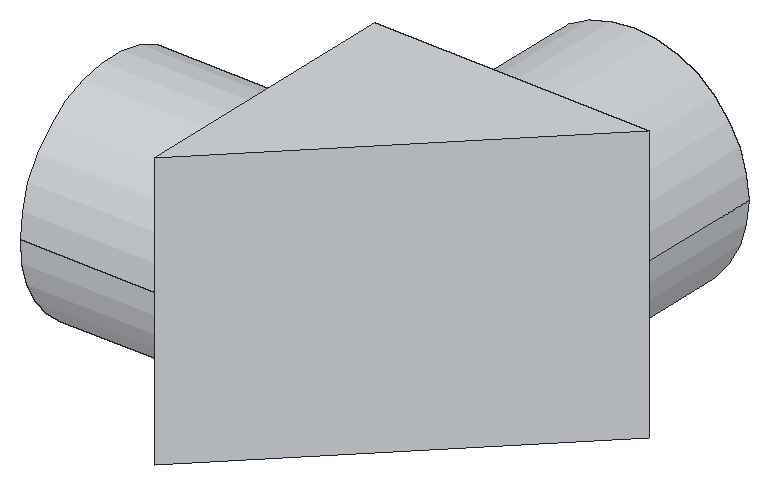
Revit family "M_Cotovelo com tampa do conduíte - PVC", category Conexões do conduite, Revit 2019
Family settings
  Cota do conector redondo = Usar raio
  Tipo de parte = Cotovelo da caixa de conexões
  Número OmniClass = 23.80.30.17.11
  Título OmniClass = Conduits
  ID de item do Seek = Conduit Pulling Elbow - PVC-0000-CAN-ENU
  Com base no plano de trabalho = Não
  Sempre na vertical = Sim
  Corte com vazios quando carregada = Não
  Compartilhado = Não
Parameters (values of type "Padrão")
  Raio nominal [instance] = 8 mm
  Diâmetro nominal [instance] = Raio nominal * 2  # 16 mm
  Comprimento 4 [instance] = Comprimento 2 * cos(Ângulo)  # 0 mm
  Comprimento 3 [instance] = Comprimento 2 * sin(Ângulo)  # 32.918 mm
  Comprimento 2 [instance] = Comprimento 1 * 2  # 32.918 mm
  Comprimento 1 [instance] = Raio externo da conexão * 1.2  # 16.459 mm
  Raio externo da conexão [instance] = Diâmetro externo da conexão / 2  # 13.716 mm
  Diâmetro externo da conexão [instance] = size_lookup(Pesquisa de tamanho de conduite, "FOD", 1.06 * Diâmetro nominal + 7.342 mm, Diâmetro nominal)  # 27.432 mm
  Pesquisa de tamanho de conduite = "M_Conduit Pulling Elbow - PVC"
  Comprimento do conduíte [instance] = size_lookup(Pesquisa de tamanho de conduite, "CLgt", 0.29 * Diâmetro nominal + 18.058 mm, Diâmetro nominal)  # 18.263 mm
  Centro ao final [instance] = Comprimento do conduíte + Comprimento 1 * tan(Ângulo / 2)  # 34.722 mm
  Ângulo [instance] = 90.00°
Reference planes
  plane 1 "Centro (Frente/Trás)": y = 0
  plane 2: z = 0
  plane 3 "Centro (Esquerda/Direita)": x = 0
  plane 4: x = -34.722
  plane 5: x = -16.459
  plane 6: y = 16.459
  plane 7: y = -16.459
  plane 8: y = 16.459
  plane 9: x = 16.459
  plane 10: z = 16.459
  plane 11: z = -16.459
Forms (mm)
  Extrusion 1, solid, detail levels fine
    sketch origin (0, 0, 0) x (1, 0, 0) y (0, 1, 0)
      loop
        line (-16.459, -16.459) -> (16.459, 16.459) -> (-16.459, 16.459) -> (-16.459, -16.459)
    from -16.459 to 16.459
  Sweep 2, solid, detail levels fine
    path in 3D
      loop
        line (-34.722, 0, 0) -> (-16.459, 0, 0)
    profile origin (-25.59, 0, 0) x (0, 1, 0) y (0, 0, 1)
      loop
        circle (0, 0) r 13.716
  Sweep 3, solid, detail levels fine
    path in 3D
      loop
        line (0, 16.459, 0) -> (0, 34.722, 0)
    profile origin (0, 25.591, 0) x (-1, 0, 0) y (0, 0, 1)
      loop
        circle (0, 0) r 13.716
Cuts and joins
  joined: Extrusion 1, Sweep 2, Sweep 3
Lines and regions (mm)
  model lines, detail levels coarse+medium
    curve 1: line (-34.722, 0, 0) -> (-16.459, 0, 0)
    curve 3: arc (-16.459, 0, 0) -> (-4.821, 4.821, 0) -> (0, 16.459, 0) r 16.459
    curve 4: line (0, 16.459, 0) -> (0, 34.722, 0)
  sketch lines
    curve 2: line (-34.722, 0, 0) -> (-16.459, 0, 0)
    curve 5: line (0, 16.459, 0) -> (0, 34.722, 0)
Dimensions and locks
  "Centro ao final": plane 4 to plane 3 "Centro (Esquerda/Direita)"
  "Comprimento do conduíte": plane 4 to plane 5
  equal spacing: plane 6, plane 1 "Centro (Frente/Trás)", plane 7
  "Comprimento 1": plane 6 to plane 1 "Centro (Frente/Trás)"
  "Comprimento 4": plane 6 to plane 8
  "Comprimento 3": plane 5 to plane 9
  "Comprimento 2": Extrusion 1 sketch curve to Extrusion 1 sketch curve
  equal spacing: plane 10, plane 2, plane 11
  "Comprimento 1": plane 10 to plane 2
  "Comprimento do conduíte": curve 4 to curve 4
  "Raio externo da conexão": radius of Sweep 2 sketch curve
  "Comprimento 1": radius of curve 3
  "Raio externo da conexão": radius of Sweep 3 sketch curve
  "Ângulo": angle plane 5 to Extrusion 1 sketch curve
  "Ângulo": angle curve 3 to curve 3
  "Ângulo": angle plane 8 to curve 4
  aligned and locked: plane 4 to curve 1
  aligned and locked: plane 1 "Centro (Frente/Trás)" to curve 1
  aligned and locked: plane 7 to Extrusion 1 sketch curve
  aligned and locked: plane 5 to Extrusion 1 sketch curve
  aligned and locked: plane 9 to Extrusion 1 sketch curve
  aligned and locked: plane 8 to Extrusion 1 sketch curve
  aligned and locked: plane 6 to Extrusion 1 sketch curve
  aligned and locked: Extrusion 1 sketch curve to plane 5
  aligned and locked: plane 11 to Extrusion 1
  aligned and locked: plane 10 to Extrusion 1
  aligned and locked: plane 6 to curve 3
  aligned and locked: plane 5 to curve 3  (x2)
Automatic sketch dimensions
  Sweep 2 sketch curve to profile plane = 0 mm  (x2)
  Sweep 3 sketch curve to profile plane = 0 mm  (x2)
Connectors
  cabletrayconduit at (-34.722, 0, 0), diameter 16, driven by "Raio nominal", driven by "Ângulo"
    settings: on cut or joined group of Extrusion 1, Sweep 2, Sweep 3, index 1, connector width 304.8 mm, connector height 304.8 mm, connector angle 90.00°, system type 32, placement type 0, profile type 0, connector reference index 2, is primary connector yes, connector utility param no, connector description ""
  cabletrayconduit at (0, 34.722, 0), diameter 16, driven by "Raio nominal", driven by "Ângulo"
    settings: on cut or joined group of Extrusion 1, Sweep 2, Sweep 3, index 2, connector width 304.8 mm, connector height 304.8 mm, connector angle 90.00°, system type 32, placement type 0, profile type 0, connector reference index 1, is primary connector no, connector utility param no, connector description ""
